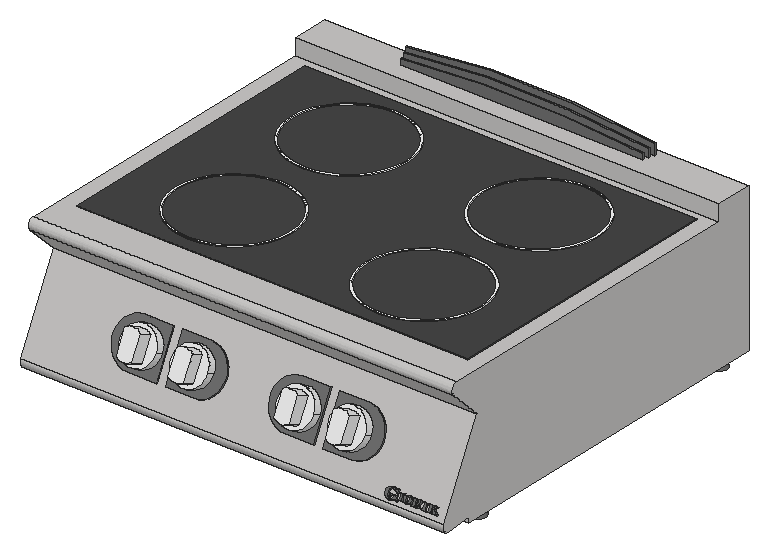
Revit family "QF_GIORIK_CV740T", category Specialty Equipment, Revit 2014
Parameters (values of type "CV740T")
  Weight in Pounds = 121.2541
  Watts = 8400 W
  Volts = 400 V
  URL Cutsheet = "www.giorik.com"
  URL = "www.giorik.com"
  Status [instance] = ""
  Specification by User [instance] = ""
  Specification by Manufacturer = ""
  Show Logo [instance] = yes
  Show Clearance [instance] = yes
  Serial Number = ""
  Seismic Rating = ""
  SMACNA No = ""
  Revision Code [instance] = ""
  Phase = 3
  Number of Poles [instance] = 3
  NAFEM Spec ID Number = ""
  Model = "CV740T"
  Min Ckt Ampacity = 0 A
  Max Overcurrent Protection = 0 A
  Masterspec = ""
  Manufacturer = "GIORIK"
  Item Number [instance] = ""
  Installed By [instance] = ""
  Identify Quantity as Lot [instance] = no
  HP = "11.264568000000"
  Furnished By [instance] = ""
  Foodservice Equipment Identifier [instance] = yes
  FL Amps = 0 A
  Electrical Remarks [instance] = ""
  Electric Connection Type [instance] = ""
  Elec Conn RI Height [instance] = 0 mm
  Elec Conn Connection Height [instance] = 20 mm
  Description = "CERAMIC GLASS HOB - COUNTERTOP VERSION"
  Cycle = 50 Hz
  Conn Plug = ""
  CSI MasterFormat = ""
  Assembly Code = "E1090320"
  Apparent Power = 8400 VA
Reference planes
  plane 1 "Back": y = 0
  plane 2: z = 0
  plane 3 "Left": x = 0
  plane 4 "Right": x = 800
  plane 5 "Front": y = -720
  plane 6 "Top": z = 300
Forms (mm)
  Extrusion 1, solid, visible <- "Show Logo"
    sketch origin (591.604, -736.761, 9.486) x (-1, 0, 0) y (0, 0.452718, 0.891654)
      loop
        line (-118.824, 58.358) -> (-127.804, 58.358) -> (-125.523, 56.445) -> (-125.523, 48.027) -> (-127.804, 46.113) -> (-118.824, 46.113) -> (-121.105, 48.027) -> (-121.105, 56.445) -> (-118.824, 58.358)
      loop
        line (-163.721, 58.358) -> (-172.7, 58.358) -> (-170.42, 56.445) -> (-170.42, 48.027) -> (-172.7, 46.113) -> (-163.721, 46.113) -> (-166.001, 48.027) -> (-166.001, 56.445) -> (-163.721, 58.358)
      loop
        line (-174.332, 58.358) -> (-183.312, 58.358) -> (-181.031, 56.445) -> (-181.031, 52.435) -> (-186.419, 56.955) -> (-184.416, 58.358) -> (-191.268, 58.358) -> (-188.01, 56.839) -> (-185.455, 54.283) -> (-190.846, 47.858) -> (-193.396, 46.93) -> (-193.396, 46.113) -> (-184.416, 46.113) -> (-185.437, 47.571) -> (-182.443, 51.552) -> (-181.031, 50.894) -> (-181.031, 48.027) -> (-183.312, 46.113) -> (-174.332, 46.113) -> (-176.613, 48.027) -> (-176.613, 56.445) -> (-174.332, 58.358)
      loop
        line (-115.429, 62.063) -> (-115.429, 54.198)
        arc (-115.429, 54.198) -> (-111.618, 57.803) -> (-106.847, 59.986) r 16.039
        arc (-106.847, 59.986) -> (-103.314, 59.837) -> (-100.512, 57.68) r 5.851
        arc (-100.512, 57.68) -> (-98.815, 52.267) -> (-100.512, 46.853) r 9.479
        arc (-100.512, 46.853) -> (-102.406, 44.986) -> (-104.846, 43.93) r 7.236
        arc (-104.846, 43.93) -> (-107.728, 44.111) -> (-110.052, 45.825) r 5.11
        line (-110.052, 45.825) -> (-110.052, 52.001) -> (-116.141, 52.001) -> (-116.141, 45.503) -> (-117.893, 43.751) -> (-114.094, 44.769)
        arc (-114.094, 44.769) -> (-112.56, 44.947) -> (-111.129, 44.366) r 3.115
        arc (-111.129, 44.366) -> (-104.216, 42.091) -> (-97.303, 44.366) r 11.641
        arc (-97.303, 44.366) -> (-93.396, 52.107) -> (-97.303, 59.849) r 9.622
        arc (-97.303, 59.849) -> (-104.369, 62.174) -> (-111.435, 59.849) r 11.898
        line (-111.435, 59.849) -> (-115.429, 62.063)
      loop
        arc (-129.234, 56.068) -> (-135.893, 58.628) -> (-142.552, 56.068) r 9.941
        arc (-142.552, 56.068) -> (-144.234, 52.286) -> (-142.552, 48.505) r 5.093
        arc (-142.552, 48.505) -> (-135.893, 45.945) -> (-129.234, 48.505) r 9.941
        arc (-129.234, 48.505) -> (-127.552, 52.286) -> (-129.234, 56.068) r 5.093
      loop
        arc (-132.628, 54.403) -> (-135.893, 57.668) -> (-139.158, 54.403) r 3.265
        line (-139.158, 54.403) -> (-139.158, 50.169)
        arc (-139.158, 50.169) -> (-135.893, 46.904) -> (-132.628, 50.169) r 3.265
        line (-132.628, 50.169) -> (-132.628, 54.403)
      loop
        arc (-156.363, 58.365) -> (-159.647, 55.081) -> (-156.363, 51.796) r 3.285
        line (-156.363, 51.796) -> (-159.529, 47.306) -> (-162.087, 46.113) -> (-155.847, 46.113) -> (-153.529, 51.083) -> (-150.637, 51.083) -> (-150.637, 47.784) -> (-153.022, 46.113) -> (-144.011, 46.113) -> (-146.094, 47.68) -> (-146.094, 56.493) -> (-144.229, 58.365) -> (-156.363, 58.365)
      loop
        line (-150.637, 57.512) -> (-153.637, 57.512)
        arc (-153.637, 57.512) -> (-156.237, 54.912) -> (-153.637, 52.312) r 2.6
        line (-153.637, 52.312) -> (-150.637, 52.312) -> (-150.637, 57.512)
      loop
        line (-108.924, 52.001) -> (-104.936, 49.005) -> (-100.948, 52.001) -> (-108.924, 52.001)
    from 1.5 to -0.5
  Extrusion 2, solid
    sketch origin (0, 1000, -620) x (0, 1, 0) y (0, 0, 1)
      loop
        line (-1000, 919.988) -> (-1070, 919.988) -> (-1070, 889.988) -> (-1688.806, 889.988)
        arc (-1688.806, 889.988) -> (-1699.151, 883.075) -> (-1696.724, 870.873) r 11.197
        line (-1696.724, 870.873) -> (-1640.876, 815.025) -> (-1718.948, 661.258)
        arc (-1718.948, 661.258) -> (-1718.233, 650.105) -> (-1708.118, 645.354) r 10.981
        line (-1708.118, 645.354) -> (-1660, 649.925) -> (-1660, 640) -> (-1000, 640) -> (-1000, 919.988)
    from 0 to 800
  Extrusion 3, solid
    sketch origin (-220.755, -963.345, -547.637) x (1, 0, 0) y (0, 0.452718, 0.891654)
      loop
        line (463.221, 676.25) -> (463.221, 766.25) -> (409.698, 766.25)
        arc (409.698, 766.25) -> (364.698, 721.25) -> (409.698, 676.25) r 45
        line (409.698, 676.25) -> (463.221, 676.25)
    from 48 to 50
  Extrusion 4, solid
    sketch origin (553.797, -1008.697, -525.041) x (-1, 0, 0) y (0, -0.45351, -0.891251)
      loop
        circle (351.331, -721.346) r 35
    from 0 to 15
  Extrusion 5, solid
    sketch origin (553.797, -1008.697, -525.041) x (-1, 0, 0) y (0, -0.45351, -0.891251)
      loop
        arc (336.331, -743.846) -> (351.331, -748.846) -> (366.331, -743.846) r 25
        line (366.331, -743.846) -> (366.331, -698.846)
        arc (366.331, -698.846) -> (351.331, -693.846) -> (336.331, -698.846) r 25
        line (336.331, -698.846) -> (336.331, -743.846)
    from 15 to 40
  Extrusion 6, solid
    sketch origin (723.221, -963.345, -547.637) x (-1, 0, 0) y (0, -0.452718, -0.891654)
      loop
        line (463.221, -676.25) -> (409.698, -676.25)
        arc (409.698, -676.25) -> (364.698, -721.25) -> (409.698, -766.25) r 45
        line (409.698, -766.25) -> (463.221, -766.25) -> (463.221, -676.25)
    from 48 to 50
  Extrusion 7, solid
    sketch origin (-51.331, -1008.697, -525.041) x (1, 0, 0) y (0, 0.45351, 0.891251)
      loop
        circle (351.331, 721.346) r 35
    from 0 to 15
  Extrusion 8, solid
    sketch origin (-51.331, -1008.697, -525.041) x (1, 0, 0) y (0, 0.45351, 0.891251)
      loop
        line (336.331, 743.846) -> (336.331, 698.846)
        arc (336.331, 698.846) -> (351.331, 693.846) -> (366.331, 698.846) r 25
        line (366.331, 698.846) -> (366.331, 743.846)
        arc (366.331, 743.846) -> (351.331, 748.846) -> (336.331, 743.846) r 25
    from 15 to 40
  Extrusion 9, solid
    sketch origin (76.779, -963.345, -547.637) x (1, 0, 0) y (0, 0.452718, 0.891654)
      loop
        line (463.221, 676.25) -> (463.221, 766.25) -> (409.698, 766.25)
        arc (409.698, 766.25) -> (364.698, 721.25) -> (409.698, 676.25) r 45
        line (409.698, 676.25) -> (463.221, 676.25)
    from 48 to 50
  Extrusion 10, solid
    sketch origin (851.331, -1008.697, -525.041) x (-1, 0, 0) y (0, -0.45351, -0.891251)
      loop
        circle (351.331, -721.346) r 35
    from 0 to 15
  Extrusion 11, solid
    sketch origin (851.331, -1008.697, -525.041) x (-1, 0, 0) y (0, -0.45351, -0.891251)
      loop
        arc (336.331, -743.846) -> (351.331, -748.846) -> (366.331, -743.846) r 25
        line (366.331, -743.846) -> (366.331, -698.846)
        arc (366.331, -698.846) -> (351.331, -693.846) -> (336.331, -698.846) r 25
        line (336.331, -698.846) -> (336.331, -743.846)
    from 15 to 40
  Extrusion 12, solid
    sketch origin (1020.755, -963.345, -547.637) x (-1, 0, 0) y (0, -0.452718, -0.891654)
      loop
        line (463.221, -676.25) -> (409.698, -676.25)
        arc (409.698, -676.25) -> (364.698, -721.25) -> (409.698, -766.25) r 45
        line (409.698, -766.25) -> (463.221, -766.25) -> (463.221, -676.25)
    from 48 to 50
  Extrusion 13, solid
    sketch origin (246.203, -1008.697, -525.041) x (1, 0, 0) y (0, 0.45351, 0.891251)
      loop
        circle (351.331, 721.346) r 35
    from 0 to 15
  Extrusion 14, solid
    sketch origin (246.203, -1008.697, -525.041) x (1, 0, 0) y (0, 0.45351, 0.891251)
      loop
        line (336.331, 743.846) -> (336.331, 698.846)
        arc (336.331, 698.846) -> (351.331, 693.846) -> (366.331, 698.846) r 25
        line (366.331, 698.846) -> (366.331, 743.846)
        arc (366.331, 743.846) -> (351.331, 748.846) -> (336.331, 743.846) r 25
    from 15 to 40
  Extrusion 15, solid
    sketch origin (36.031, 0, -610.002) x (1, 0, 0) y (0, 0, 1)
      loop
        line (135, 909.989) -> (592.969, 909.989) -> (592.969, 919.989) -> (440.969, 929.989) -> (287, 929.989) -> (135, 919.989) -> (135, 909.989)
    from 32 to 35
  Extrusion 16, solid
    sketch origin (38, 10, -610.002) x (1, 0, 0) y (0, 0, 1)
      loop
        line (594, 909.989) -> (594, 924.989) -> (440, 937.489) -> (284, 937.489) -> (130, 925.001) -> (130, 909.989) -> (594, 909.989)
    from 32 to 35
  Extrusion 17, solid
    sketch origin (40, 20, -610.002) x (1, 0, 0) y (0, 0, 1)
      loop
        line (595, 909.989) -> (595, 930.001) -> (439, 945.258) -> (281, 945.258) -> (125, 929.989) -> (125, 909.989) -> (595, 909.989)
    from 32 to 35
  Extrusion 18, solid
    sketch origin (0.216, 0.239, 221) x (0, 1, 0) y (-1, 0, 0)
      loop
        line (-625, -30) -> (-625, -769.568) -> (-85, -769.568) -> (-85, -30) -> (-625, -30)
    from 48 to 50
  Extrusion 19, solid
    sketch origin (30.216, -722.261, 248.488) x (0, -1, 0) y (1, 0, 0)
      loop
        circle (-231.5, 189.999) r 110
      loop
        circle (-231.5, 189.999) r 106.5
    from 23 to 20.512
  Extrusion 20, solid
    sketch origin (30.216, -450.261, 248.488) x (0, -1, 0) y (1, 0, 0)
      loop
        circle (-231.5, 189.999) r 110
      loop
        circle (-231.5, 189.999) r 106.5
    from 23 to 20.512
  Extrusion 21, solid
    sketch origin (769.784, -722.261, 248.488) x (0, -1, 0) y (1, 0, 0)
      loop
        circle (-231.5, -189.999) r 110
      loop
        circle (-231.5, -189.999) r 106.5
    from 23 to 20.512
  Extrusion 22, solid
    sketch origin (769.784, -450.261, 248.488) x (0, -1, 0) y (1, 0, 0)
      loop
        circle (-231.5, -189.999) r 110
      loop
        circle (-231.5, -189.999) r 106.5
    from 23 to 20.512
  Extrusion 23, solid
    sketch origin (-4, 0, 0) x (1, 0, 0) y (0, 1, 0)
      loop
        circle (54, -385) r 12.5
    from 5 to 20
  Extrusion 24, solid
    sketch origin (543.603, 45.293, -30) x (0, 1, 0) y (-1, 0, 0)
      loop
        circle (-79.293, 516.603) r 5
    from 41.965 to 50
  Revolve 25, solid
    sketch origin (27, 49.943, -600) x (0, 1, 0) y (0, 0, 1)
      loop
        line (-83.943, 611.965) -> (-94.752, 611.965) -> (-97.943, 600) -> (-83.943, 600) -> (-83.943, 611.965)
      axis (-83.943, 611.965) -> (-83.943, 600)
    angle from 0 to 360
  Extrusion 26, solid
    sketch origin (543.603, -524.707, -30) x (0, 1, 0) y (-1, 0, 0)
      loop
        circle (-79.293, 516.603) r 5
    from 41.965 to 50
  Revolve 27, solid
    sketch origin (27, -520.057, -600) x (0, 1, 0) y (0, 0, 1)
      loop
        line (-83.943, 611.965) -> (-94.752, 611.965) -> (-97.943, 600) -> (-83.943, 600) -> (-83.943, 611.965)
      axis (-83.943, 611.965) -> (-83.943, 600)
    angle from 0 to 360
  Extrusion 28, solid
    sketch origin (256.397, 45.293, -30) x (0, 1, 0) y (-1, 0, 0)
      loop
        circle (-79.293, -516.603) r 5
    from 41.965 to 50
  Revolve 29, solid
    sketch origin (773, 49.943, -600) x (0, 1, 0) y (0, 0, -1)
      loop
        line (-83.943, -611.965) -> (-83.943, -600) -> (-97.943, -600) -> (-94.752, -611.965) -> (-83.943, -611.965)
      axis (-83.943, -611.965) -> (-83.943, -600)
    angle from 0 to 360
  Extrusion 30, solid
    sketch origin (256.397, -524.707, -30) x (0, 1, 0) y (-1, 0, 0)
      loop
        circle (-79.293, -516.603) r 5
    from 41.965 to 50
  Revolve 31, solid
    sketch origin (773, -520.057, -600) x (0, 1, 0) y (0, 0, -1)
      loop
        line (-83.943, -611.965) -> (-83.943, -600) -> (-97.943, -600) -> (-94.752, -611.965) -> (-83.943, -611.965)
      axis (-83.943, -611.965) -> (-83.943, -600)
    angle from 0 to 360
Lines and regions (mm)
  symbolic lines, style "200-EquipBorder-2D"
    curve 1: line (0, -720, 0) -> (800, -720, 0)
    curve 2: line (800, -720, 0) -> (800, 0, 0)
    curve 3: line (800, 0, 0) -> (0, 0, 0)
    curve 4: line (0, 0, 0) -> (0, -720, 0)
  symbolic lines, style "200-EquipInternal-2D"
    curve 5: line (0, -70, 300) -> (800, -70, 300)
    curve 6: line (165, -12, 900) -> (635, -12, 900)
    curve 7: line (635, -12, 900) -> (635, -15, 900)
    curve 8: line (635, -15, 900) -> (165, -15, 900)
    curve 9: line (165, -15, 900) -> (165, -12, 900)
    curve 10: line (168, -22, 900) -> (632, -22, 900)
    curve 11: line (632, -22, 900) -> (632, -25, 900)
    curve 12: line (632, -25, 900) -> (168, -25, 900)
    curve 13: line (168, -25, 900) -> (168, -22, 900)
    curve 14: line (171.031, -32, 900) -> (629, -32, 900)
    curve 15: line (629, -32, 900) -> (629, -35, 900)
    curve 16: line (629, -35, 900) -> (171.031, -35, 900)
    curve 17: line (171.031, -35, 900) -> (171.031, -32, 900)
    curve 18: line (769.784, -84.761, 900) -> (30.216, -84.761, 900)
    curve 19: line (30.216, -84.761, 900) -> (30.216, -624.761, 900)
    curve 20: line (30.216, -624.761, 900) -> (769.784, -624.761, 900)
    curve 21: circle (220.215, -218.761, 900) r 110 normal (0, 0, 1)
    curve 22: circle (220.215, -218.761, 900) r 106.5 normal (0, 0, 1)
    curve 23: circle (220.215, -490.761, 900) r 110 normal (0, 0, 1)
    curve 24: circle (220.215, -490.761, 900) r 106.5 normal (0, 0, 1)
    curve 25: line (769.784, -84.761, 900) -> (769.784, -624.761, 900)
    curve 26: circle (579.785, -218.761, 900) r 110 normal (0, 0, -1)
    curve 27: circle (579.785, -218.761, 900) r 106.5 normal (0, 0, -1)
    curve 28: circle (579.785, -490.761, 900) r 110 normal (0, 0, -1)
    curve 29: circle (579.785, -490.761, 900) r 106.5 normal (0, 0, -1)
Dimensions and locks
  plane 3 "Left" to plane 4 "Right" = 800 mm
  plane 5 "Front" to plane 1 "Back" = 720 mm
  plane 4 "Right" to plane 3 "Left" = 800 mm
  plane 1 "Back" to plane 5 "Front" = 720 mm
  plane 6 "Top" to level = 300 mm  (x2)
  aligned and locked: level to plane 2
Connectors
  electrical at (50, -385, 5), driven by "Apparent Power", driven by "Volts", driven by "Number of Poles"
    settings: on Extrusion 23, index 4, voltage 400 V, apparent load 0 VA, apparent load phase1 8400 VA, apparent load phase2 0 VA, apparent load phase3 0 VA, power factor 1, load classification "Other", number of poles 3, system type 31, power factor state 1, is connector primary yes, connector utility no, sub classification motor no, connector description "Electrical connection"
